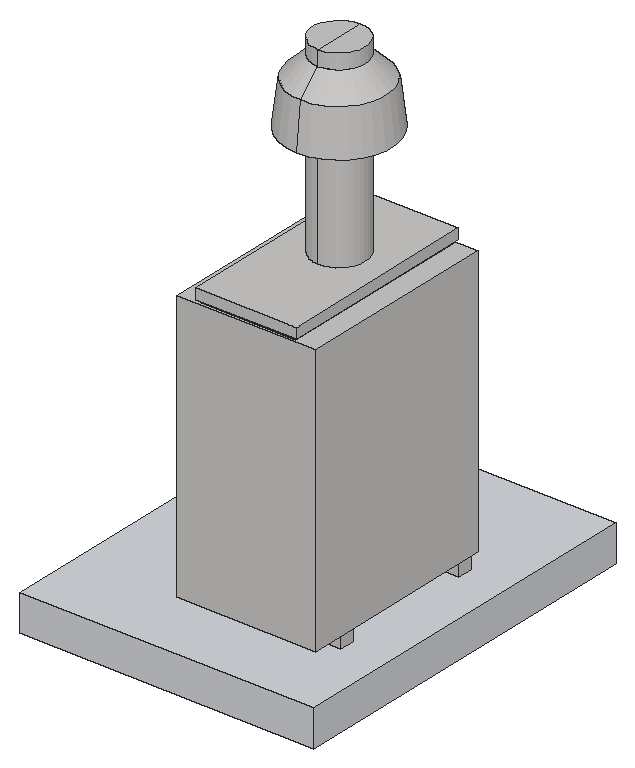
Revit family "DC_Rheem_PLM_Raypak_B0200ID", category Plumbing Fixtures, host Face, Revit 2017
Family settings
  Host = Face
  Round Connector Dimension = Use Radius
  Part Type = Normal
  Cut with Voids When Loaded = No
  Shared = No
  Room Calculation Point = No
Parameters (values of type "Raypak - Gas Water Heater- Indoor - 185 MJ/h  Propane gas, On/Off gas control")
  Width_ANZRS = 465 mm
  URL = "http://www.rheem.com.au/CommercialProducts"
  Type Comments = "Recovery 705L/h @ 50°C rise\r\n"
  Materials_ANZRS = Raypak - Grey Powder Coated Steel
  PRVDistance_ANZRS = 210 mm
  PRV_ANZRS = 15 mm
  Model = "B0200PCO/ID\r\n"
  Manufacturer = "Raypak\r\n"
  Length_ANZRS = 675 mm
  HotWaterOutlet Radius_ANZRS = 20 mm
  HotWaterOutletDiameter_ANZRS = HotWaterOutlet Radius_ANZRS * 2  # 40 mm
  HotWaterConnectionDistance_ANZRS = 170 mm
  Height_ANZRS = 1625 mm
  H1_ANZRS = 940 mm
  GasInletRadius_ANZRS = 10 mm
  GasInletHeight_ANZRS = 370 mm
  GasInletDiameter_ANZRS = GasInletRadius_ANZRS * 2  # 20 mm
  GasConnectionDistance_ANZRS = 105 mm
  DesignBy_ANZRS = "Design Content ©"  # constant formula
  Description = "Raypak - Gas Water Heater- Indoor - 185 MJ/h  Propane gas, On/Off gas control"
  Default Elevation = 0 mm
  ConnectionHeight_ANZRS = 700 mm
  ColdWaterInletRadius_ANZRS = 20 mm
  ColdWaterInletDiameter_ANZRS = ColdWaterInletRadius_ANZRS * 2  # 40 mm
  ColdWaterConnectionDistance_ANZRS = 215 mm
  BoxHeight_ANZRS = 985 mm
  Base1Distance_ANZRS = 30 mm
  BaseWidth_ANZRS = 50 mm
  Basae2Distance_ANZRS = 105 mm
  Author_ANZRS = "DM"  # constant formula
  Assembly Code = ""
Types (4, lengths in mm): name | Type Comments | Model | GasInletRadius_ANZRS | GasInletDiameter_ANZRS | Description
  Raypak - Gas Water Heater- Indoor - 196 MJ/h  Natural gas, modulating gas control | "Recovery 750L/h @ 50°C rise\r\n" | "B0200NCM/ID\r\n" | 12.5 | 25 | "Raypak - Gas Water Heater- Indoor - 196 MJ/h  Natural gas, modulating gas control\r\n"
  Raypak - Gas Water Heater- Indoor - 196 MJ/h  Natural gas, On/Off gas control | "Recovery 750L/h @ 50°C rise\r\n" | "B0200NCO/ID\r\n" | 10 | 20 | "Raypak - Gas Water Heater- Indoor - 196 MJ/h  Natural gas, On/Off gas control\r\n"
  Raypak - Gas Water Heater- Indoor - 185 MJ/h  Propane gas, modulating gas control | "Recovery 705L/h @ 50°C rise\r\n" | "B0200PCM/ID\r\n" | 10 | 20 | "Raypak - Gas Water Heater- Indoor - 185 MJ/h  Propane gas, modulating gas control\r\n"
  Raypak - Gas Water Heater- Indoor - 185 MJ/h  Propane gas, On/Off gas control | "Recovery 705L/h @ 50°C rise\r\n" | "B0200PCO/ID\r\n" | 10 | 20 | "Raypak - Gas Water Heater- Indoor - 185 MJ/h  Propane gas, On/Off gas control"
Reference planes
  plane 1 "Center (Front/Back)": y = 0
  plane 2: z = 0
  plane 3 "Center (Left/Right)": x = 0
  plane 4: z = 1625
  plane 5: z = 985
  plane 6: z = 700
  plane 7: z = 370
  plane 8: y = 288
  plane 9: y = -387
  plane 10: y = 78
  plane 11: y = 118
  plane 12: y = -97
  plane 13: y = -282
  plane 14: y = 87.5
  plane 15: y = -87.5
  plane 16: x = -232.5
  plane 17: x = 232.5
  plane 18: z = 40
  plane 19: z = 1355
  plane 20: z = 1505
  plane 21: z = 1575
  plane 22: z = 600
  plane 23: z = 585
  plane 24: y = -327
  plane 25: x = -227.5
  plane 26: y = 258
  plane 27: y = 208
  plane 28: y = -232
  plane 29: y = -282
  plane 30: x = 87.5
  plane 31: x = -87.5
  plane 32: z = 940
  plane 33: z = 950
  plane 34: x = 167.5
  plane 35: x = -167.5
  plane 36: x = 157.5
  plane 37: x = -157.5
  plane 38: y = -377
  plane 39: y = 278
Forms (mm)
  Extrusion 1, solid
    sketch origin (0, 0, 0) x (1, 0, 0) y (0, 1, 0)
      loop
        line (-607.5, 688) -> (-607.5, -570.692) -> (372.485, -570.692) -> (372.485, 688) -> (-607.5, 688)
    from 0 to -120
  Extrusion 2, solid, material "Raypak - Grey Powder Coated Steel" <- "Materials_ANZRS"
    sketch origin (0, 0, 0) x (1, 0, 0) y (0, 1, 0)
      loop
        line (-232.5, 288) -> (-232.5, -387) -> (232.5, -387) -> (232.5, 288) -> (-232.5, 288)
    from 40 to 940
  Revolve 3, solid, material "Raypak - Grey Powder Coated Steel" <- "Materials_ANZRS"
    sketch origin (0, 0, 105) x (0, 1, 0) y (0, 0, 1)
      loop
        line (0, 1520) -> (-87.5, 1520) -> (-87.5, 1470) -> (-157.5, 1400) -> (-175.918, 1250) -> (-87.5, 1250) -> (-87.5, 880) -> (0, 880) -> (0, 1520)
      axis (0, 1520) -> (0, 880)
    angle from 0 to 360
  Extrusion 4, void
    sketch origin (0, 0, 0) x (0, 1, 0) y (0, 0, 1)
      loop
        circle (78, 700) r 15
      loop
        circle (118, 700) r 20
      loop
        circle (-97, 700) r 20
    from -232.5 to -227.5
  Extrusion 5, void
    sketch origin (0, 0, 0) x (0, 1, 0) y (0, 0, 1)
      loop
        circle (-327, 600) r 5
      loop
        circle (-327, 585) r 5
      loop
        circle (-282, 370) r 10
    from -232.5 to -227.5
  Extrusion 6, solid, material "Raypak - Grey Powder Coated Steel" <- "Materials_ANZRS"
    sketch origin (0, 0, 0) x (0, 1, 0) y (0, 0, 1)
      loop
        line (258, 40) -> (208, 40) -> (208, 0) -> (258, 0) -> (258, 40)
      loop
        line (-232, 40) -> (-282, 40) -> (-282, 0) -> (-232, 0) -> (-232, 40)
    from -232.5 to 232.5
  Extrusion 7, solid, material "Raypak - Grey Powder Coated Steel" <- "Materials_ANZRS"
    sketch origin (0, 0, 0) x (1, 0, 0) y (0, 0, 1)
      loop
        line (167.5, 985) -> (-167.5, 985) -> (-167.5, 950) -> (167.5, 950) -> (167.5, 985)
    from -288 to 387
  Extrusion 8, solid, material "Raypak - Grey Powder Coated Steel" <- "Materials_ANZRS"
    sketch origin (0, 0, 0) x (1, 0, 0) y (0, 0, 1)
      loop
        line (157.5, 950) -> (-157.5, 950) -> (-157.5, 940) -> (157.5, 940) -> (157.5, 950)
    from -278 to 377
Cuts and joins
  Extrusion 4, Extrusion 5 cuts Extrusion 2
Lines and regions (mm)
  Masking region 1
    outline origin (0, 0, 0) x (1, 0, 0) y (0, 1, 0)
      loop
        line (-232.5, 288) -> (-232.5, -387) -> (232.5, -387) -> (232.5, 288) -> (-232.5, 288)
  Masking region 2
    outline origin (0, 0, 0) x (1, 0, 0) y (0, 0, 1)
      loop
        line (-87.5, 1625) -> (-87.5, 1575) -> (-157.5, 1505) -> (-175.918, 1355) -> (-87.5, 1355) -> (-87.5, 985) -> (-167.5, 985) -> (-167.5, 950) -> (-157.5, 950) -> (-157.5, 940) -> (-232.5, 940) -> (-232.5, 0) -> (232.5, 0) -> (232.5, 940) -> (157.5, 940) -> (157.5, 950) -> (167.5, 950) -> (167.5, 985) -> (87.5, 985) -> (87.5, 1355) -> (175.918, 1355) -> (157.5, 1505) -> (87.5, 1575) -> (87.5, 1625) -> (0, 1625) -> (-87.5, 1625)
  Masking region 3
    outline origin (0, 0, 0) x (0, 1, 0) y (0, 0, 1)
      loop
        line (-87.5, 1625) -> (-87.5, 1575) -> (-157.5, 1505) -> (-175.918, 1355) -> (-87.5, 1355) -> (-87.5, 985) -> (-387, 985) -> (-387, 950) -> (-377, 950) -> (-377, 940) -> (-387, 940) -> (-387, 40) -> (-282, 40) -> (-282, 0) -> (-232, 0) -> (-232, 40) -> (208, 40) -> (208, 0) -> (258, 0) -> (258, 40) -> (288, 40) -> (288, 940) -> (278, 940) -> (278, 950) -> (288, 950) -> (288, 985) -> (87.5, 985) -> (87.5, 1355) -> (175.918, 1355) -> (157.5, 1505) -> (87.5, 1575) -> (87.5, 1625) -> (-87.5, 1625)
  symbolic lines, style "Rheem Raypak", detail levels fine
    curve 1: arc (0, 175.918, 0) -> (-175.918, 0, 0) -> (0, -175.918, 0) r 175.918
    curve 2: arc (0, -175.918, 0) -> (175.918, 0, 0) -> (0, 175.918, 0) r 175.918
    curve 3: arc (0, 157.5, 0) -> (157.5, 0, 0) -> (0, -157.5, 0) r 157.5
    curve 4: arc (0, -157.5, 0) -> (-157.5, 0, 0) -> (0, 157.5, 0) r 157.5
    curve 5: arc (0, -87.5, 0) -> (-87.5, 0, 0) -> (0, 87.5, 0) r 87.5
    curve 6: arc (0, 87.5, 0) -> (87.5, 0, 0) -> (0, -87.5, 0) r 87.5
    curve 7: line (232.5, -387, 0) -> (232.5, 288, 0)
    curve 8: line (232.5, 288, 0) -> (-232.5, 288, 0)
    curve 9: line (-232.5, 288, 0) -> (-232.5, -387, 0)
    curve 10: line (-232.5, -387, 0) -> (232.5, -387, 0)
    curve 11: line (87.5, 0, 1575) -> (157.5, 0, 1505)
    curve 12: line (175.918, 0, 1355) -> (157.5, 0, 1505)
    curve 13: line (-157.5, 0, 1505) -> (-175.918, 0, 1355)
    curve 14: line (-157.5, 0, 1505) -> (-87.5, 0, 1575)
    curve 15: line (-87.5, 0, 1625) -> (87.5, 0, 1625)
    curve 16: line (0, 0, 1625) -> (87.5, 0, 1625)
    curve 17: line (157.5, 0, 1505) -> (-157.5, 0, 1505)
    curve 18: line (87.5, 0, 1575) -> (-87.5, 0, 1575)
    curve 19: line (-175.918, 0, 1355) -> (0, 0, 1355)
    curve 20: line (0, 0, 1355) -> (175.918, 0, 1355)
    curve 21: line (87.5, 0, 1625) -> (87.5, 0, 1575)
    curve 22: line (-87.5, 0, 1625) -> (-87.5, 0, 1575)
    curve 23: line (232.5, 0, 940) -> (-232.5, 0, 940)
    curve 24: line (232.5, 0, 40) -> (232.5, 0, 940)
    curve 25: line (-232.5, 0, 940) -> (-232.5, 0, 40)
    curve 26: line (-232.5, 0, 40) -> (232.5, 0, 40)
    curve 27: line (232.5, 0, 0) -> (232.5, 0, 40)
    curve 28: line (-232.5, 0, 40) -> (-232.5, 0, 0)
    curve 29: line (-232.5, 0, 0) -> (232.5, 0, 0)
    curve 30: line (-87.5, 0, 1355) -> (-87.5, 0, 985)
    curve 31: line (87.5, 0, 1355) -> (87.5, 0, 985)
    curve 32: arc (0, 63, 700) -> (0, 78, 685) -> (0, 93, 700) r 15
    curve 33: arc (0, 93, 700) -> (0, 78, 715) -> (0, 63, 700) r 15
    curve 34: arc (0, 138, 700) -> (0, 118, 720) -> (0, 98, 700) r 20
    curve 35: arc (0, 98, 700) -> (0, 118, 680) -> (0, 138, 700) r 20
    curve 36: arc (0, -117, 700) -> (0, -97, 680) -> (0, -77, 700) r 20
    curve 37: arc (0, -77, 700) -> (0, -97, 720) -> (0, -117, 700) r 20
    curve 38: arc (0, -272, 370) -> (0, -282, 380) -> (0, -292, 370) r 10
    curve 39: arc (0, -292, 370) -> (0, -282, 360) -> (0, -272, 370) r 10
    curve 40: arc (0, -332, 585) -> (0, -327, 580) -> (0, -322, 585) r 5
    curve 41: arc (0, -322, 585) -> (0, -327, 590) -> (0, -332, 585) r 5
    curve 42: arc (0, -332, 600) -> (0, -327, 595) -> (0, -322, 600) r 5
    curve 43: arc (0, -322, 600) -> (0, -327, 605) -> (0, -332, 600) r 5
    curve 44: line (0, -87.5, 1625) -> (0, -87.5, 1575)
    curve 45: line (0, 87.5, 1625) -> (0, 87.5, 1575)
    curve 46: line (0, 175.918, 1355) -> (0, -175.918, 1355)
    curve 47: line (0, 157.5, 1505) -> (0, -157.5, 1505)
    curve 48: line (0, 87.5, 1575) -> (0, -87.5, 1575)
    curve 49: line (0, 87.5, 1575) -> (0, 157.5, 1505)
    curve 50: line (0, -175.918, 1355) -> (0, -157.5, 1505)
    curve 51: line (0, -87.5, 1575) -> (0, -157.5, 1505)
    curve 52: line (0, 175.918, 1355) -> (0, 157.5, 1505)
    curve 53: line (0, -87.5, 1625) -> (0, 87.5, 1625)
    curve 54: line (0, 87.5, 1355) -> (0, 87.5, 985)
    curve 55: line (0, -87.5, 1355) -> (0, -87.5, 985)
    curve 56: line (0, 288, 985) -> (0, -387, 985)
    curve 57: line (0, -387, 985) -> (0, -387, 950)
    curve 58: line (0, 288, 40) -> (0, 288, 940)
    curve 59: line (0, -387, 40) -> (0, 288, 40)
    curve 60: line (0, 208, 40) -> (0, 208, 0)
    curve 61: line (0, 258, 0) -> (0, 258, 40)
    curve 62: line (0, 208, 0) -> (0, 258, 0)
    curve 63: line (0, -232, 0) -> (0, -232, 40)
    curve 64: line (0, -282, 40) -> (0, -282, 0)
    curve 65: line (0, -282, 0) -> (0, -232, 0)
    curve 66: line (-167.5, 288, 0) -> (-167.5, -387, 0)
    curve 67: line (167.5, -387, 0) -> (167.5, 288, 0)
    curve 68: line (167.5, 0, 950) -> (167.5, 0, 985)
    curve 69: line (-167.5, 0, 950) -> (167.5, 0, 950)
    curve 70: line (157.5, 0, 940) -> (157.5, 0, 950)
    curve 71: line (-167.5, 0, 985) -> (-167.5, 0, 950)
    curve 72: line (-157.5, 0, 950) -> (-157.5, 0, 940)
    curve 73: line (167.5, 0, 985) -> (-167.5, 0, 985)
    curve 74: line (0, -387, 950) -> (0, 288, 950)
    curve 75: line (0, 288, 940) -> (0, -387, 940)
    curve 76: line (0, 278, 940) -> (0, 278, 950)
    curve 77: line (0, -377, 950) -> (0, -377, 940)
    curve 78: line (0, -387, 940) -> (0, -387, 40)
    curve 79: line (0, 288, 950) -> (0, 288, 985)
Dimensions and locks
  "Height_ANZRS": plane 4 to level
  "BoxHeight_ANZRS": plane 5 to level
  "ConnectionHeight_ANZRS": plane 6 to Extrusion 1
  "GasInletHeight_ANZRS": plane 7 to level
  "Length_ANZRS": plane 8 to plane 9
  "PRVDistance_ANZRS": plane 8 to plane 10
  "HotWaterConnectionDistance_ANZRS": plane 8 to plane 11
  "ColdWaterConnectionDistance_ANZRS": plane 11 to plane 12
  "GasConnectionDistance_ANZRS": plane 13 to plane 9
  plane 1 "Center (Front/Back)" to plane 9 = 387 mm
  plane 18 to level = 40 mm
  plane 4 to plane 21 to plane 20 to plane 19 = 50 mm, 70 mm, 150 mm
  equal spacing: plane 17, plane 3 "Center (Left/Right)", plane 16
  "Width_ANZRS": plane 17 to plane 16
  equal spacing: plane 14, plane 1 "Center (Front/Back)", plane 15
  locked: plane 14 to plane 15 at 175
  plane 22 to Extrusion 1 = 600 mm
  plane 23 to Extrusion 1 = 585 mm
  plane 18 to Extrusion 1 = 40 mm
  plane 24 to plane 9 = 60 mm
  plane 16 to plane 25 = 5 mm
  "Base1Distance_ANZRS": plane 8 to plane 26
  "BaseWidth_ANZRS": plane 26 to plane 27
  "BaseWidth_ANZRS": plane 28 to plane 29
  "Basae2Distance_ANZRS": plane 29 to plane 9
  equal spacing: plane 31, plane 3 "Center (Left/Right)", plane 30
  locked: plane 31 to plane 30 at 175
  "H1_ANZRS": plane 32 to Extrusion 1
  locked: plane 32 to plane 33 at 10
  plane 35 to plane 3 "Center (Left/Right)" to plane 34 = 167.5 mm, 167.5 mm
  plane 35 to plane 34 = 335 mm
  locked: plane 36 to plane 34 at 10
  locked: plane 37 to plane 35 at 10
  locked: plane 38 to plane 9 at 10
  plane 39 to plane 8 = 10 mm
  "HotWaterOutlet Radius_ANZRS": radius of Extrusion 4 sketch curve
  "ColdWaterInletRadius_ANZRS": radius of Extrusion 4 sketch curve
  "PRV_ANZRS": radius of Extrusion 4 sketch curve
  "GasInletRadius_ANZRS": radius of Extrusion 5 sketch curve
  aligned and locked: plane 2 to Extrusion 1
  aligned and locked: level to Extrusion 1
  aligned and locked: plane 8 to Extrusion 2 sketch curve
  aligned and locked: plane 16 to Extrusion 2 sketch curve
  aligned and locked: plane 9 to Extrusion 2 sketch curve
  aligned and locked: plane 17 to Extrusion 2 sketch curve
  aligned: plane 5 to Extrusion 2
  aligned and locked: Revolve 3 sketch curve to plane 1 "Center (Front/Back)"
  aligned and locked: plane 11 to Extrusion 4 sketch curve
  aligned and locked: plane 10 to Extrusion 4 sketch curve
  aligned and locked: plane 6 to Extrusion 4 sketch curve  (x3)
  aligned and locked: Extrusion 4 to plane 16
  aligned and locked: Extrusion 2 to plane 18
  aligned and locked: plane 12 to Extrusion 4 sketch curve
  aligned and locked: Revolve 3 sketch curve to plane 4
  aligned and locked: plane 5 to Revolve 3 sketch curve
  aligned and locked: plane 19 to Revolve 3 sketch curve
  aligned and locked: plane 21 to Revolve 3 sketch curve
  aligned: plane 15 to Revolve 3 sketch curve
  aligned and locked: plane 15 to Revolve 3 sketch curve
  aligned and locked: plane 22 to Extrusion 5 sketch curve
  aligned and locked: plane 24 to Extrusion 5 sketch curve  (x2)
  aligned and locked: plane 23 to Extrusion 5 sketch curve
  aligned and locked: Extrusion 5 to plane 16
  aligned and locked: plane 25 to Extrusion 5
  aligned and locked: plane 13 to Extrusion 5 sketch curve
  aligned and locked: plane 7 to Extrusion 5 sketch curve
  aligned and locked: Extrusion 5 to Extrusion 4
  aligned and locked: plane 18 to Extrusion 6 sketch curve  (x2)
  aligned and locked: Extrusion 6 sketch curve to plane 26
  aligned and locked: Extrusion 6 sketch curve to level  (x2)
  aligned and locked: plane 27 to Extrusion 6 sketch curve
  aligned and locked: Extrusion 6 sketch curve to plane 28
  aligned and locked: plane 29 to Extrusion 6 sketch curve
  aligned and locked: Extrusion 6 to plane 16
  aligned and locked: Extrusion 6 to plane 17
  aligned and locked: Masking region 1 sketch curve to cut or joined group of Extrusion 2, Extrusion 4, Extrusion 5  (x4)
  aligned and locked: Masking region 2 sketch curve to plane 31
  aligned and locked: Masking region 2 sketch curve to Revolve 3  (x3)
  aligned and locked: plane 30 to Masking region 2 sketch curve
  aligned and locked: Revolve 3 to Masking region 2 sketch curve
  aligned and locked: plane 5 to Masking region 2 sketch curve
  aligned and locked: plane 16 to Masking region 2 sketch curve
  aligned and locked: Masking region 2 sketch curve to plane 17
  aligned and locked: Extrusion 1 to Masking region 2 sketch curve
  aligned and locked: Masking region 3 sketch curve to Revolve 3  (x2)
  aligned and locked: Masking region 3 sketch curve to plane 15  (x2)
  aligned and locked: plane 5 to Masking region 3 sketch curve
  aligned and locked: Masking region 3 sketch curve to plane 9
  aligned and locked: plane 18 to Masking region 3 sketch curve
  aligned and locked: Masking region 3 sketch curve to Extrusion 6  (x4)
  aligned and locked: plane 27 to Masking region 3 sketch curve
  aligned and locked: plane 26 to Masking region 3 sketch curve
  aligned and locked: plane 8 to Masking region 3 sketch curve
  aligned and locked: plane 14 to Masking region 3 sketch curve
  aligned and locked: curve 1 to Revolve 3
  aligned and locked: curve 2 to Revolve 3
  aligned and locked: curve 3 to Revolve 3
  aligned and locked: curve 4 to Revolve 3
  aligned and locked: curve 5 to Revolve 3
  aligned and locked: curve 6 to Revolve 3
  aligned and locked: curve 7 to cut or joined group of Extrusion 2, Extrusion 4, Extrusion 5
  aligned and locked: curve 8 to cut or joined group of Extrusion 2, Extrusion 4, Extrusion 5
  aligned and locked: curve 9 to cut or joined group of Extrusion 2, Extrusion 4, Extrusion 5
  aligned and locked: curve 10 to cut or joined group of Extrusion 2, Extrusion 4, Extrusion 5
  aligned and locked: curve 32 to cut or joined group of Extrusion 2, Extrusion 4, Extrusion 5
  aligned and locked: curve 33 to cut or joined group of Extrusion 2, Extrusion 4, Extrusion 5
  aligned and locked: curve 34 to cut or joined group of Extrusion 2, Extrusion 4, Extrusion 5
  aligned and locked: curve 35 to cut or joined group of Extrusion 2, Extrusion 4, Extrusion 5
  aligned and locked: curve 36 to cut or joined group of Extrusion 2, Extrusion 4, Extrusion 5
  aligned and locked: curve 37 to cut or joined group of Extrusion 2, Extrusion 4, Extrusion 5
  aligned and locked: curve 38 to cut or joined group of Extrusion 2, Extrusion 4, Extrusion 5
  aligned and locked: curve 39 to cut or joined group of Extrusion 2, Extrusion 4, Extrusion 5
  aligned and locked: curve 40 to cut or joined group of Extrusion 2, Extrusion 4, Extrusion 5
  aligned and locked: curve 41 to cut or joined group of Extrusion 2, Extrusion 4, Extrusion 5
  aligned and locked: curve 42 to cut or joined group of Extrusion 2, Extrusion 4, Extrusion 5
  aligned and locked: curve 43 to cut or joined group of Extrusion 2, Extrusion 4, Extrusion 5
  aligned and locked: curve 44 to plane 15
  aligned and locked: plane 14 to curve 45
  aligned and locked: plane 19 to curve 46
  aligned and locked: plane 20 to curve 47
  aligned and locked: plane 21 to curve 48
  aligned and locked: curve 53 to Revolve 3
  aligned and locked: plane 32 to Extrusion 2
  aligned and locked: curve 23 to cut or joined group of Extrusion 2, Extrusion 4, Extrusion 5
  aligned and locked: plane 5 to Extrusion 7 sketch curve
  aligned and locked: Extrusion 7 sketch curve to plane 34
  aligned and locked: Extrusion 7 sketch curve to plane 33
  aligned and locked: Extrusion 7 sketch curve to plane 35
  aligned and locked: plane 33 to Extrusion 8 sketch curve
  aligned and locked: Extrusion 8 sketch curve to plane 36
  aligned and locked: Extrusion 8 sketch curve to plane 32
  aligned and locked: Extrusion 8 sketch curve to plane 37
  aligned and locked: Extrusion 7 to plane 8
  aligned and locked: Extrusion 7 to plane 9
  aligned and locked: Extrusion 8 to plane 38
  aligned and locked: plane 39 to Extrusion 8
  aligned and locked: curve 66 to Extrusion 7
  aligned and locked: curve 67 to Extrusion 7
  aligned and locked: curve 68 to Extrusion 7
  aligned and locked: curve 69 to Extrusion 7
  aligned and locked: curve 70 to Extrusion 8
  aligned and locked: curve 71 to Extrusion 7
  aligned and locked: curve 72 to Extrusion 8
  aligned and locked: curve 73 to Extrusion 7
  aligned and locked: Masking region 2 sketch curve to Extrusion 7  (x3)
  aligned and locked: Extrusion 7 to Masking region 2 sketch curve
  aligned and locked: Masking region 2 sketch curve to Extrusion 8  (x2)
  aligned and locked: Masking region 2 sketch curve to cut or joined group of Extrusion 2, Extrusion 4, Extrusion 5
  aligned and locked: curve 74 to Extrusion 7
  aligned and locked: curve 75 to cut or joined group of Extrusion 2, Extrusion 4, Extrusion 5
  aligned and locked: curve 76 to Extrusion 8
  aligned and locked: curve 77 to Extrusion 8
  aligned and locked: Masking region 3 sketch curve to Extrusion 7
  aligned and locked: Masking region 3 sketch curve to cut or joined group of Extrusion 2, Extrusion 4, Extrusion 5
  aligned and locked: Masking region 3 sketch curve to Extrusion 8  (x2)
Automatic sketch dimensions
  Extrusion 1 sketch curve to Extrusion 1 sketch curve = 979.985 mm
  Extrusion 1 sketch curve to Extrusion 1 sketch curve = 1258.692 mm
  Revolve 3 sketch curve to plane 20 = 0 mm
  Revolve 3 sketch curve to plane 15 = 0 mm
  Revolve 3 sketch curve to plane 1 "Center (Front/Back)" = 0 mm
  plane 12 to Revolve 3 sketch curve = 60.5 mm
  plane 12 to Revolve 3 sketch curve = 78.918 mm
  Revolve 3 sketch curve to Revolve 3 sketch curve = 675 mm
  Revolve 3 sketch curve to Revolve 3 sketch curve = 130 mm
  plane 8 to curve 8 = 0 mm
  curve 8 to plane 16 = 0 mm
  curve 7 to plane 17 = 0 mm
  curve 10 to plane 9 = 0 mm
  curve 64 to plane 13 = 0 mm
  curve 65 to plane 28 = 0 mm
  curve 50 to plane 28 = 56.082 mm
  plane 12 to curve 50 = 60.5 mm
  curve 52 to plane 11 = 39.5 mm
  plane 27 to curve 52 = 32.082 mm
  curve 55 to plane 5 = 0 mm
  curve 25 to plane 16 = 0 mm
  curve 19 to plane 19 = 0 mm
  curve 17 to plane 20 = 0 mm
  plane 31 to curve 30 = 0 mm
  curve 14 to plane 21 = 0 mm
  curve 14 to plane 31 = 0 mm
  curve 16 to plane 3 "Center (Left/Right)" = 0 mm
  curve 19 to plane 3 "Center (Left/Right)" = 0 mm
  curve 21 to plane 4 = 0 mm
  plane 30 to curve 21 = 0 mm
  curve 31 to plane 19 = 0 mm
  plane 30 to curve 31 = 0 mm
  plane 17 to curve 27 = 0 mm
  curve 29 to level = 0 mm
  curve 26 to plane 18 = 0 mm
  curve 30 to plane 19 = 0 mm
  plane 25 to curve 19 = 51.582 mm
  plane 25 to curve 17 = 70 mm
  curve 17 to plane 30 = 70 mm
  plane 17 to curve 12 = 56.582 mm
  Masking region 2 sketch curve to plane 20 = 0 mm  (x2)
  plane 31 to Masking region 2 sketch curve = 0 mm
  Masking region 2 sketch curve to plane 3 "Center (Left/Right)" = 0 mm
  plane 30 to Masking region 2 sketch curve = 0 mm
  Masking region 2 sketch curve to plane 21 = 0 mm  (x2)
  plane 25 to Masking region 2 sketch curve = 51.582 mm
  plane 25 to Masking region 2 sketch curve = 70 mm
  Masking region 2 sketch curve to plane 30 = 70 mm
  plane 17 to Masking region 2 sketch curve = 56.582 mm
  Masking region 3 sketch curve to plane 20 = 0 mm  (x2)
  Masking region 3 sketch curve to plane 14 = 0 mm
  Masking region 3 sketch curve to plane 19 = 0 mm
  Masking region 3 sketch curve to plane 18 = 0 mm  (x2)
  Masking region 3 sketch curve to plane 5 = 0 mm
  Masking region 3 sketch curve to plane 21 = 0 mm  (x2)
  Masking region 3 sketch curve to plane 28 = 56.082 mm
  plane 12 to Masking region 3 sketch curve = 60.5 mm
  Masking region 3 sketch curve to plane 11 = 39.5 mm
  plane 27 to Masking region 3 sketch curve = 32.082 mm
  curve 53 to plane 4 = 0 mm
  curve 55 to plane 15 = 0 mm
  curve 54 to plane 14 = 0 mm
  curve 56 to plane 9 = 0 mm
  curve 59 to plane 18 = 0 mm
  curve 60 to plane 27 = 0 mm
  curve 61 to plane 26 = 0 mm
  curve 62 to level = 0 mm
  curve 64 to level = 0 mm
  curve 63 to plane 18 = 0 mm
  curve 64 to plane 18 = 0 mm
  curve 61 to plane 18 = 0 mm
  curve 60 to plane 18 = 0 mm
  curve 66 to plane 35 = 0 mm
  curve 67 to plane 34 = 0 mm
  curve 69 to plane 33 = 0 mm
  curve 69 to plane 35 = 0 mm
  plane 34 to curve 68 = 0 mm
  plane 36 to curve 70 = 0 mm
  curve 71 to plane 5 = 0 mm
  curve 72 to plane 37 = 0 mm
  Masking region 2 sketch curve to plane 5 = 0 mm
  Masking region 2 sketch curve to plane 32 = 0 mm
  curve 74 to plane 33 = 0 mm
  curve 76 to plane 39 = 0 mm
  curve 77 to plane 38 = 0 mm
  curve 75 to plane 9 = 0 mm
  curve 74 to plane 8 = 0 mm
  curve 75 to plane 8 = 0 mm
  Masking region 3 sketch curve to plane 9 = 0 mm
  Masking region 3 sketch curve to plane 8 = 0 mm
  Masking region 3 sketch curve to plane 33 = 0 mm
  Masking region 3 sketch curve to plane 32 = 0 mm
  Extrusion 5 sketch curve to plane 13 = 0 mm
  radius of Extrusion 5 sketch curve = 5 mm  (x2)
Connectors
  piping at (-232.5, 118, 700), diameter 40, driven by "HotWaterOutlet Radius_ANZRS"
    settings: on cut or joined group of Extrusion 2, Extrusion 4, Extrusion 5, index 1, connector inside diameter 1.5748", connector length 0 mm, flow factor 0, pipe flow 0 GPM, pressure drop 0.00 psi, fitting loss kfactor 0, connector angle 0.00°, fixture units 0, engagement length 0 mm, angle of deflection 0.00°, flow configuration 1, flow direction 2, fitting loss method 0, system type 19, joint type 0, gender type 0, connector reference index -1, connector utility 0, adjustable connector no, is connector primary yes, connector description ""
  piping at (-232.5, 78, 700), diameter 30, driven by "PRV_ANZRS"
    settings: on cut or joined group of Extrusion 2, Extrusion 4, Extrusion 5, index 2, connector inside diameter 1.1811", connector length 0 mm, flow factor 0, pipe flow 0 GPM, pressure drop 0.00 psi, fitting loss kfactor 0, connector angle 0.00°, fixture units 0, engagement length 0 mm, angle of deflection 0.00°, flow configuration 1, flow direction 2, fitting loss method 0, system type 19, joint type 0, gender type 0, connector reference index -1, connector utility 0, adjustable connector no, is connector primary no, connector description ""
  piping at (-232.5, -97, 700), diameter 40, driven by "ColdWaterInletRadius_ANZRS"
    settings: on cut or joined group of Extrusion 2, Extrusion 4, Extrusion 5, index 3, connector inside diameter 1.5748", connector length 0 mm, flow factor 0, pipe flow 0 GPM, pressure drop 0.00 psi, fitting loss kfactor 0, connector angle 0.00°, fixture units 0, engagement length 0 mm, angle of deflection 0.00°, flow configuration 1, flow direction 1, fitting loss method 0, system type 20, joint type 0, gender type 0, connector reference index -1, connector utility 0, adjustable connector no, is connector primary no, connector description ""
  piping at (-232.5, -282, 370), diameter 20, driven by "GasInletRadius_ANZRS"
    settings: on cut or joined group of Extrusion 2, Extrusion 4, Extrusion 5, index 4, connector inside diameter 0.98425", connector length 0 mm, flow factor 0, pipe flow 0 GPM, pressure drop 0.00 psi, fitting loss kfactor 0, connector angle 0.00°, fixture units 0, engagement length 0 mm, angle of deflection 0.00°, flow configuration 1, flow direction 1, fitting loss method 0, system type 22, joint type 0, gender type 0, connector reference index -1, connector utility 0, adjustable connector no, is connector primary no, connector description "Gas"
  electrical at (-232.5, -327, 600)
    settings: on cut or joined group of Extrusion 2, Extrusion 4, Extrusion 5, index 5, voltage 0 V, apparent load 0 VA, apparent load phase1 0 VA, apparent load phase2 0 VA, apparent load phase3 0 VA, power factor 1, load classification "Other", number of poles 1, system type 30, power factor state 1, is connector primary yes, connector utility no, sub classification motor no, connector description ""
  electrical at (-232.5, -327, 585)
    settings: on cut or joined group of Extrusion 2, Extrusion 4, Extrusion 5, index 6, voltage 0 V, apparent load 0 VA, apparent load phase1 0 VA, apparent load phase2 0 VA, apparent load phase3 0 VA, power factor 1, load classification "Other", number of poles 1, system type 30, power factor state 1, is connector primary no, connector utility no, sub classification motor no, connector description ""
